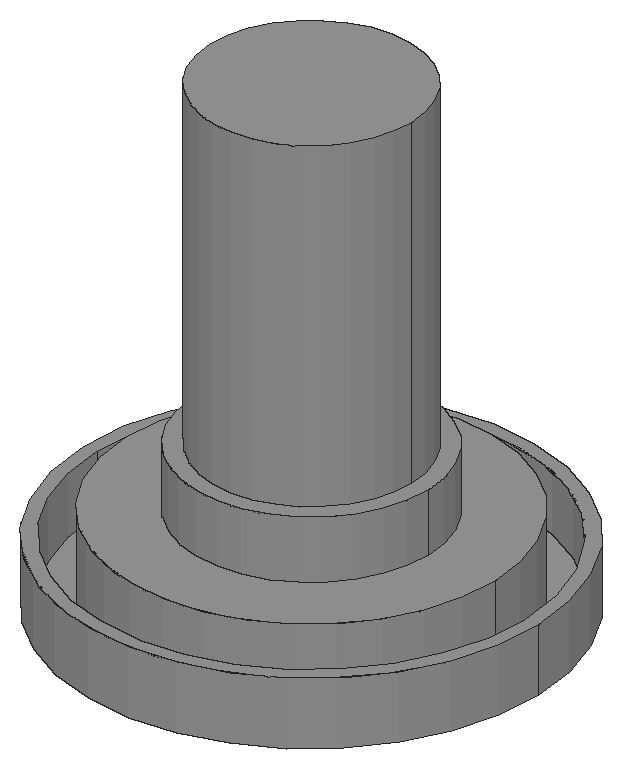
Revit family "VASARI 4 Round Fix Trim 02", category Lighting Fixtures, host Ceiling, Revit 2017
Family settings
  Host = Ceiling
  Round Connector Dimension = Use Diameter
  Part Type = Normal
  OmniClass Number = 23.80.70.11
  OmniClass Title = Luminaries for Internal Lighting
  Always vertical = Yes
  Cut with Voids When Loaded = No
  Light Source = Yes
  Shared = No
  Room Calculation Point = No
Parameters (values of type "100P")
  Wattage = 9.2903 W
  built-in parameter 1150110 = 1 (stored number, unit not read)
  built-in parameter 1114217 = 1 (stored number, unit not read)
  Tilt Angle = 90.00°
  built-in parameter 1150109 = 1 (stored number, unit not read)
  built-in parameter 1150134 = (empty or 0)
  built-in parameter 1150113 = 1 (stored number, unit not read)
  Photometric Web File = "ELR100P 35D.IES"
  Lumens = 1380 lm
  built-in parameter 1150115 = 1 (stored number, unit not read)
  built-in parameter 1150105 = 109.82 (stored number, unit not read)
  built-in parameter 1150137 = (empty or 0)
  built-in parameter 1150139 = (empty or 0)
  built-in parameter 1150112 = 1 (stored number, unit not read)
  built-in parameter 1150114 = 1 (stored number, unit not read)
  built-in parameter 1150132 = 2
  built-in parameter 1150102 = (empty or 0)
  built-in parameter 1150138 = (empty or 0)
  built-in parameter 1150107 = 3000 (stored number, unit not read)
  built-in parameter 1150106 = 1.0982 (stored number, unit not read)
  built-in parameter 1150104 = 13.8 (stored number, unit not read)
  Dimming Lamp Color Temperature Shift = <None>
  Color Filter = 16777215
  built-in parameter 1114218 = 1 (stored number, unit not read)
  built-in parameter 1150133 = 10 (stored number, unit not read)
Types (2, lengths in mm): name | Photometric Web File
  Type 1 | "ELR50P 35D.IES"
  100P | "ELR100P 35D.IES"
Reference planes
  plane 1 "Light Source Axis (F/B)": y = 0
  plane 2: z = 0
  plane 3 "Light Source Axis (L/R)": x = 0
  plane 4 "Ceiling": z = 4000
  plane 5 "Light Source Elevation": z = 4000
  plane 6 "Top": y = 68
  plane 7: y = -68
  plane 8 "Right": x = 68
  plane 9 "Left": x = -68
  plane 10: z = 4140
Forms (mm)
  Extrusion 1, solid, material "ELR Plastic, Opaque White"
    sketch origin (239.98, 0, 4000) x (-1, 0, 0) y (0, -1, 0)
      loop
        circle (239.98, 0) r 68
      loop
        circle (239.98, 0) r 64
    from 0 to 18.873
  Extrusion 2, solid, material "ELR Plastic, Opaque White"
    sketch origin (239.98, 0, 4000) x (-1, 0, 0) y (0, -1, 0)
      loop
        circle (239.98, 0) r 30
    from 43.5 to 140
  Extrusion 3, solid, material "ELR Plastic, Opaque White"
    sketch origin (239.98, 0, 4000) x (-1, 0, 0) y (0, -1, 0)
      loop
        circle (239.98, 0) r 55
      loop
        circle (239.98, 0) r 30
    from 2.018 to 26
  Extrusion 4, solid, material "ELR Plastic, Opaque White"
    sketch origin (-115, 0, 4000) x (0, 1, 0) y (-1, 0, 0)
      loop
        circle (0, -115) r 64
      loop
        circle (0, -115) r 55
    from 1.009 to 2.018
  Extrusion 5, solid, material "ELR Plastic, Opaque White"
    sketch origin (239.98, 0, 4000) x (-1, 0, 0) y (0, -1, 0)
      loop
        circle (239.98, 0) r 35
      loop
        circle (239.98, 0) r 30
    from 26 to 43.5
  Extrusion 6, solid, material "ELR Light Emissive"
    sketch origin (0, 0, 4000) x (0, 1, 0) y (-1, 0, 0)
      loop
        circle (0, 0) r 30
    from 2 to 4
Lines and regions (mm)
  Opening 1
    outline origin (0, 0, 4000) x (1, 0, 0) y (0, 1, 0)
      loop
        circle (0, 0.331) r 68.001
Dimensions and locks
  equal spacing: host sketch curve, plane 3 "Light Source Axis (L/R)", host sketch curve
  equal spacing: host sketch curve, plane 1 "Light Source Axis (F/B)", host sketch curve
  host sketch curve to host sketch curve = 4000 mm  (x2)
  plane 4 "Ceiling" to host ceiling = 0 mm
  plane 9 "Left" to plane 8 "Right" = 136 mm  (x2)
  plane 6 "Top" to plane 7 = 136 mm
  imposter light to plane 10 = 140 mm
  aligned and locked: plane 3 "Light Source Axis (L/R)" to imposter light
  aligned and locked: plane 1 "Light Source Axis (F/B)" to imposter light
  aligned and locked: plane 5 "Light Source Elevation" to imposter light
  aligned and locked: plane 10 to Extrusion 2
